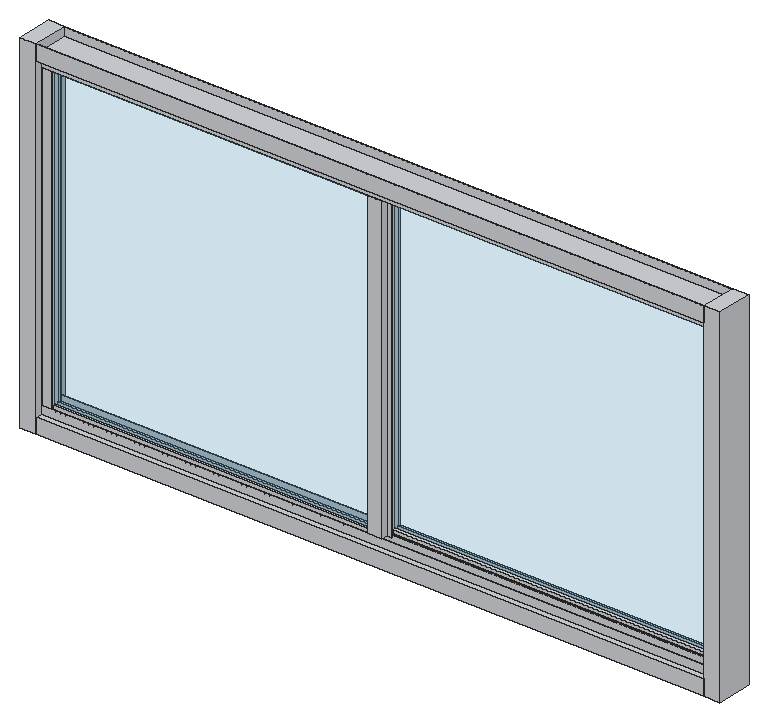
Revit family "MT-VMS_DB-SG_XX", category Windows, host Wall, Revit 2017 (continued)
Definition of nested family "VMS_DB-SG_OX_101mm"
  Dimensions and locks
    aligned and locked: plane 3 "Center (Left/Right)" to Sweep 6 sketch curve
    aligned and locked: Sweep 2 to Sweep 6 sketch curve
    aligned and locked: Sweep 3 to Sweep 6 sketch curve
    aligned and locked: plane 7 to curve 1
    aligned and locked: plane 8 to curve 1
    aligned and locked: plane 8 to curve 2
    aligned and locked: plane 7 to curve 2
    aligned and locked: plane 1 "Center (Front/Back)" to curve 1
    aligned and locked: curve 2 to plane 4
    aligned and locked: Masking region 1 sketch curve to Extrusion 1  (x4)
    aligned and locked: Masking region 1 sketch curve to Sweep 3  (x2)
    aligned and locked: Sweep 3 to Masking region 1 sketch curve
    aligned and locked: plane 1 "Center (Front/Back)" to nested 4
    aligned and locked: nested 4 to plane 7
    aligned and locked: plane 8 to nested 5
    aligned and locked: plane 1 "Center (Front/Back)" to nested 5
    aligned and locked: plane 7 to nested 6
    aligned and locked: plane 1 "Center (Front/Back)" to nested 6
    aligned and locked: nested 7 to plane 8
    aligned and locked: Masking region 2 sketch curve to plane 11
    aligned and locked: Masking region 2 sketch curve to plane 4
    aligned and locked: Masking region 2 sketch curve to Extrusion 1
    aligned and locked: Extrusion 1 to Masking region 2 sketch curve  (x2)
    aligned and locked: Masking region 2 sketch curve to nested 1
    aligned and locked: Masking region 2 sketch curve to Sweep 3  (x2)
    aligned and locked: nested 8 to plane 9
    aligned and locked: plane 4 to nested 8
    aligned and locked: nested 9 to level
    aligned and locked: plane 4 to Masking region 1 sketch curve
    aligned and locked: plane 7 to Extrusion 1
    aligned and locked: plane 8 to nested 7
    aligned and locked: plane 1 "Center (Front/Back)" to nested 7
    aligned and locked: plane 9 to nested 10
    aligned and locked: plane 4 to nested 10
    aligned and locked: nested 11 to plane 1 "Center (Front/Back)"
    aligned and locked: level to nested 11
    aligned and locked: plane 1 "Center (Front/Back)" to nested 9
  Nested families
    nested 1: "VMS_DB-SG_GLAZED PANEL" at (473.2, -35, 56), Sash Material <- "Sash Material", type "VMS_DB-SG_GLAZED PANEL"
      with OPEN yes
    nested 2: "VMS_DB-SG_GLAZED PANEL" at (-473.2, -66.6, 56) x (-1, 0, 0) z (0, 0, 1), Sash Material <- "Sash Material", type "VMS_DB-SG_GLAZED PANEL"
      with OPEN yes
    nested 3: "VMS_VM11_SILL DETAIL_FINE" at (-955, -50, 0) x (0, -1, 0) z (0, 0, 1), type "VMS_VM11_SILL DETAIL_FINE", detail levels fine
    nested 4: "MAIN FRAME 101.6MM_MEDIUM" at (-1000, 0, 0), type "MAIN FRAME 101.6MM_MEDIUM", detail levels medium
    nested 5: "MAIN FRAME 101.6MM_MEDIUM" at (1000, -101.6, 0) x (-1, 0, 0) z (0, 0, 1), type "MAIN FRAME 101.6MM_MEDIUM", detail levels medium
    nested 6: "AS1C CAVITY MAIN FRAME" at (-955, 0, 0), type "AS1C CAVITY MAIN FRAME", detail levels fine
    nested 7: "AS1C CAVITY MAIN FRAME" at (955, -101.6, 0) x (-1, 0, 0) z (0, 0, 1), type "AS1C CAVITY MAIN FRAME", detail levels fine
    nested 8: "VMS_VM8_HEAD DETAIL_FINE" at (0, -101.6, 1000) x (0, 1, 0) z (1, 0, 0), type "VMS_VM8_HEAD DETAIL_FINE", detail levels fine
    nested 9: "VMS_VM10_BOT DETAIL_FINE" at (0, -101.3, 0) x (0, 1, 0) z (1, 0, 0), type "VMS_VM10_BOT DETAIL_FINE", detail levels fine
    nested 10: "VMS_VM8_HEAD DETAIL_MEDIUM" at (0, 0, 1000) x (0, -1, 0) z (1, 0, 0), type "VMS_VM8_HEAD DETAIL_MEDIUM", detail levels medium
    nested 11: "VMS_VM10_BOT DETAIL_MEDIUM" at (0, 0, 0) x (0, -1, 0) z (1, 0, 0), type "VMS_VM10_BOT DETAIL_MEDIUM", detail levels medium
  Definition of nested family "VMS_DB-SG_GLAZED PANEL"
    Parameters (values of type "VMS_DB-SG_GLAZED PANEL")
      YEAR = "2018"  # constant formula
      VERSION = "2.0"  # constant formula
      TODAYS DATE = "22/11/2018"  # constant formula
      Sash Material [instance] = none
      SINGLE GLAZED THICKNESS = 5 mm
      SINGLE GLAZED = not(DOUBLE GLAZED)  # yes
      PANEL WIDTH = 960 mm
      PANEL HEIGHT = 894 mm
      OPEN [instance] = yes
      GLAZED WIDTH [instance] = 924 mm
      GLAZED RAIL MATERIAL = none
      GLAZED MATERIAL = none
      DOUBLE GLAZED THICKNESS = 15 mm
      DOUBLE GLAZED = no
      CREATOR = "Scott Isouard"  # constant formula
      COMPANY = "Archvis"  # constant formula
      Analytic Construction = "<None>"
      ANZRC COMPLIANT = "Yes"  # constant formula
      AIR POCKET = DOUBLE GLAZED THICKNESS - 10 mm  # 5 mm
    Reference planes
      plane 1 "Center (Front/Back)": y = 0
      plane 2: z = 0
      plane 3 "Center (Left/Right)": x = 0
      plane 4: x = -480
      plane 5: x = 480
      plane 6: x = -462
      plane 7: x = 462
      plane 8: z = 894
      plane 9: z = 874
      plane 10: z = 20
      plane 11: z = 447
      plane 12: x = -452.086
      plane 13: x = 452
      plane 14: z = 10
      plane 15: z = 884
    Forms (mm)
      Extrusion 1, solid, material <- "GLAZED MATERIAL", visible <- "SINGLE GLAZED"
        sketch origin (0, 0, 0) x (1, 0, 0) y (0, 1, 0)
          loop
            line (-462, 2.5) -> (-462, -2.5) -> (462, -2.5) -> (462, 2.5) -> (-462, 2.5)
        from 10 to 884
      Extrusion 2, solid, material <- "GLAZED MATERIAL", visible <- "DOUBLE GLAZED"
        sketch origin (0, 0, 0) x (1, 0, 0) y (0, 1, 0)
          loop
            line (-462, 7.5) -> (-462, 2.5) -> (462, 2.5) -> (462, 7.5) -> (-462, 7.5)
          loop
            line (-462, -2.5) -> (-462, -7.5) -> (462, -7.5) -> (462, -2.5) -> (-462, -2.5)
        from 10 to 884
      Sweep 3, solid, material <- "Sash Material"
        path origin (0, 0, 0) x (1, 0, 0) y (0, 0, 1)
          loop
            line (-480, 894) -> (-480, 0)
        profile "VM__PROFILE_SACH SILL : VM__PROFILE_SACH SILL" origin (-480, 0, 447) x (1, 0, 0) y (0, -1, 0)
          loop
            line (0, 13.45) -> (0, -13.45) -> (28, -13.45) -> (28, -9.95) -> (10, -9.95) -> (10, 9.95) -> (28, 9.95) -> (28, 13.45) -> (0, 13.45)
      Sweep 4, solid, material <- "Sash Material"
        path origin (0, 0, 0) x (1, 0, 0) y (0, 0, 1)
          loop
            line (480, 894) -> (480, 0)
        profile "VM__PROFILE_SACH SILL : VM__PROFILE_SACH SILL" origin (480, 0, 447) x (1, 0, 0) y (0, -1, 0)
          loop
            line (0, 13.45) -> (-28, 13.45) -> (-28, 9.95) -> (-10, 9.95) -> (-10, -9.95) -> (-28, -9.95) -> (-28, -13.45) -> (0, -13.45) -> (0, 13.45)
      Sweep 5, solid, material <- "Sash Material"
        path origin (0, 0, 0) x (1, 0, 0) y (0, 0, 1)
          loop
            line (-452.086, 894) -> (452, 894)
        profile "VM__PROFILE_GLAZED RAIL : VM__PROFILE_GLAZED RAIL" origin (-0.043, 0, 894) x (0, 0, 1) y (0, -1, 0)
          loop
            line (-5.417, -13.45) -> (0, -8.033) -> (0, 8.033) -> (-5.417, 13.45) -> (-19.826, 13.45) -> (-19.826, 6.25) -> (-10, 6.25) -> (-10, -6.25) -> (-19.826, -6.25) -> (-19.826, -13.45) -> (-5.417, -13.45)
      Sweep 6, solid, material <- "Sash Material"
        path origin (0, 0, 0) x (1, 0, 0) y (0, 0, 1)
          loop
            line (452, 0) -> (-452.086, 0)
        profile "VM__PROFILE_GLAZED RAIL : VM__PROFILE_GLAZED RAIL" origin (-0.043, 0, 0) x (0, 0, -1) y (0, -1, 0)
          loop
            line (-5.417, -13.45) -> (0, -8.033) -> (0, 8.033) -> (-5.417, 13.45) -> (-19.826, 13.45) -> (-19.826, 6.25) -> (-10, 6.25) -> (-10, -6.25) -> (-19.826, -6.25) -> (-19.826, -13.45) -> (-5.417, -13.45)
    Lines and regions (mm)
      Masking region 1, detail levels coarse
        outline origin (0, 0, 0) x (1, 0, 0) y (0, 1, 0)
          loop
            line (-452.086, 13.45) -> (-480, 13.45) -> (-480, -13.45) -> (-452.086, -13.45) -> (-452.086, 13.45)
          loop
            line (452, 13.45) -> (452, -13.45) -> (480, -13.45) -> (480, 13.45) -> (452, 13.45)
      Masking region 2, detail levels coarse
        outline origin (0, 0, 0) x (0, 1, 0) y (0, 0, 1)
          loop
            line (13.45, 894) -> (-13.45, 894) -> (-13.45, 874.174) -> (13.45, 874.174) -> (13.45, 894)
          loop
            line (13.45, 20) -> (-13.45, 20) -> (-13.45, 0) -> (13.45, 0) -> (13.45, 20)
      model lines, visible <- "OPEN", not visible
        curve 1: line (116.296, -13.45, 713.931) -> (-19.098, -13.45, 715.656)
        curve 2: line (-134.348, -13.45, 741.334) -> (8.162, -13.45, 666.42)
        curve 3: line (8.162, -13.45, 666.42) -> (-19.098, -13.45, 715.656)
        curve 4: line (116.912, -13.45, 762.344) -> (-18.481, -13.45, 764.068)
        curve 5: line (-134.348, -13.45, 741.334) -> (10.023, -13.45, 812.593)
        curve 6: line (10.023, -13.45, 812.593) -> (-18.481, -13.45, 764.068)
        curve 7: line (116.296, -13.45, 713.931) -> (116.912, -13.45, 762.344)
        curve 8: line (116.604, -13.45, 738.138) -> (-134.348, -13.45, 741.334)
        curve 9: line (-2.207, 13.452, 837.659) -> (-4.793, 13.452, 634.675)
      model lines, visible <- "OPEN"
        curve 10: line (120.069, -13.45, 471.208) -> (-15.335, -13.45, 471.208)
        curve 11: line (-130.903, -13.45, 447) -> (12.549, -13.45, 520.092)
        curve 12: line (12.549, -13.45, 520.092) -> (-15.335, -13.45, 471.208)
        curve 13: line (120.069, -13.45, 422.792) -> (-15.335, -13.45, 422.792)
        curve 14: line (-130.903, -13.45, 447) -> (12.549, -13.45, 373.908)
        curve 15: line (12.549, -13.45, 373.908) -> (-15.335, -13.45, 422.792)
        curve 16: line (120.069, -13.45, 471.208) -> (120.069, -13.45, 422.792)
        curve 17: line (120.069, -13.45, 447) -> (-130.903, -13.45, 447)
        curve 18: line (0, 13.452, 349) -> (0, 13.452, 552)
      symbolic lines
        curve 19: line (-466.086, 13.45, 0) -> (466.088, 13.45, 0)
        curve 20: line (-466.086, -13.45, 0) -> (462, -13.45, 0)
        curve 21: line (0, 13.45, 884) -> (0, 13.45, 10)
        curve 22: line (0, -13.45, 884) -> (0, -13.45, 10)
      symbolic lines, visible <- "OPEN"
        curve 23: line (150, 93.457, 0) -> (-150, 93.457, 0)
        curve 24: line (-150, 93.457, 0) -> (-70.45, 173.007, 0)
    Dimensions and locks
      equal spacing: plane 4, plane 3 "Center (Left/Right)", plane 5
      "PANEL WIDTH": plane 4 to plane 5
      "PANEL HEIGHT": plane 8 to plane 2
      equal spacing: Extrusion 1 sketch curve, plane 1 "Center (Front/Back)", Extrusion 1 sketch curve
      "SINGLE GLAZED THICKNESS": Extrusion 1 sketch curve to Extrusion 1 sketch curve
      equal spacing: plane 8, plane 11, plane 2
      equal spacing: Extrusion 2 sketch curve, plane 1 "Center (Front/Back)", Extrusion 2 sketch curve  (x2)
      "AIR POCKET": Extrusion 2 sketch curve to Extrusion 2 sketch curve
      "DOUBLE GLAZED THICKNESS": Extrusion 2 sketch curve to Extrusion 2 sketch curve
      locked: plane 4 to plane 12 at 27.914
      locked: plane 13 to plane 5 at 28
      locked: plane 8 to plane 9 at 20
      locked: plane 4 to plane 6 at 18
      locked: plane 7 to plane 5 at 18
      "GLAZED WIDTH": plane 6 to plane 7
      locked: plane 10 to plane 2 at 20
      locked: plane 14 to plane 2 at 10
      locked: plane 8 to plane 15 at 10
      curve 23 to Sweep 5 = 80.007 mm
      equal spacing: curve 24, plane 3 "Center (Left/Right)", curve 23
      aligned and locked: level to plane 2
      aligned and locked: plane 6 to Extrusion 2 sketch curve  (x2)
      aligned and locked: Extrusion 2 sketch curve to plane 7  (x2)
      aligned and locked: plane 4 to Sweep 3 sketch curve
      aligned and locked: plane 2 to Sweep 3 sketch curve
      aligned and locked: plane 8 to Sweep 3 sketch curve
      aligned and locked: Sweep 4 sketch curve to plane 5
      aligned and locked: plane 8 to Sweep 4 sketch curve
      aligned and locked: plane 2 to Sweep 4 sketch curve
      aligned and locked: Extrusion 1 sketch curve to plane 7
      aligned and locked: plane 6 to Extrusion 1 sketch curve
      aligned and locked: plane 11 to curve 17
      aligned and locked: plane 3 "Center (Left/Right)" to curve 18
      aligned and locked: Sweep 5 sketch curve to plane 8
      aligned and locked: plane 12 to Sweep 5 sketch curve
      aligned and locked: plane 13 to Sweep 5 sketch curve
      aligned and locked: plane 2 to Sweep 6 sketch curve
      aligned and locked: plane 13 to Sweep 6 sketch curve
      aligned and locked: plane 12 to Sweep 6 sketch curve
      aligned and locked: Sweep 5 to Masking region 1 sketch curve  (x2)
      aligned and locked: Masking region 1 sketch curve to Sweep 5  (x3)
      aligned and locked: Masking region 1 sketch curve to plane 4
      aligned and locked: Masking region 1 sketch curve to plane 5
      aligned and locked: Masking region 1 to Sweep 5
      aligned and locked: curve 20 to Sweep 5
      aligned and locked: Masking region 2 sketch curve to Sweep 4  (x2)
      aligned and locked: Sweep 4 to Masking region 2 sketch curve  (x2)
      aligned and locked: Masking region 2 sketch curve to Sweep 5  (x2)
      aligned and locked: Masking region 2 sketch curve to Sweep 6
      aligned and locked: Masking region 2 sketch curve to plane 10
      aligned and locked: nested 1 to plane 1 "Center (Front/Back)"
      aligned and locked: plane 2 to nested 1
      aligned and locked: nested 2 to plane 8
      aligned and locked: plane 1 "Center (Front/Back)" to nested 2
      aligned and locked: nested 3 to plane 8
      aligned and locked: plane 1 "Center (Front/Back)" to nested 3
      aligned and locked: plane 2 to nested 4
      aligned and locked: nested 4 to plane 1 "Center (Front/Back)"
      aligned and locked: Extrusion 2 to Sweep 6
      aligned and locked: Extrusion 2 to Extrusion 1  (x2)
      aligned and locked: nested 5 to plane 8
      aligned and locked: plane 1 "Center (Front/Back)" to nested 5
      aligned and locked: plane 2 to nested 6
      aligned and locked: nested 6 to plane 1 "Center (Front/Back)"
      aligned and locked: plane 2 to nested 7
      aligned and locked: nested 7 to plane 1 "Center (Front/Back)"
      aligned and locked: nested 8 to plane 8
      aligned and locked: plane 1 "Center (Front/Back)" to nested 8
      aligned and locked: Sweep 3 to curve 21
      aligned and locked: curve 22 to Sweep 3
      aligned and locked: curve 19 to Sweep 5
      aligned and locked: plane 7 to curve 20
      aligned and locked: plane 15 to curve 22
      aligned and locked: plane 15 to curve 21
      aligned and locked: plane 14 to curve 21
      aligned and locked: plane 14 to curve 22
      aligned and locked: plane 15 to Extrusion 2
      aligned and locked: plane 4 to nested 9
      aligned and locked: nested 9 to Sweep 3
      aligned and locked: plane 4 to nested 10
      aligned and locked: nested 10 to nested 9
      aligned and locked: plane 4 to nested 11
      aligned and locked: Masking region 1 to plane 13
      aligned and locked: plane 4 to nested 12
      aligned and locked: nested 12 to Sweep 5
      aligned and locked: plane 5 to nested 13
      aligned and locked: nested 13 to Sweep 4
      aligned and locked: plane 5 to nested 14
      aligned and locked: nested 14 to nested 13
      aligned and locked: plane 5 to nested 15
      aligned and locked: nested 14 to nested 15
      aligned and locked: plane 5 to nested 16
      aligned and locked: nested 16 to nested 15  (x2)
      aligned and locked: curve 19 to nested 16
      aligned and locked: nested 12 to curve 19
      aligned and locked: curve 20 to nested 12
    Automatic sketch dimensions
      curve 9 to curve 2 = 34.287 mm
      curve 2 to curve 7 = 118.111 mm
      curve 1 to curve 8 = 24.208 mm
      curve 3 to curve 4 = 48.416 mm
      curve 4 to curve 5 = 56.278 mm
      curve 5 to curve 9 = 27.89 mm
      curve 3 to curve 1 = 118.111 mm
      curve 6 to curve 4 = 118.111 mm
      curve 9 to curve 5 = 27.89 mm
      curve 3 to curve 2 = 56.278 mm
      curve 6 to curve 3 = 48.416 mm
      curve 8 to curve 4 = 118.076 mm
      curve 18 to curve 11 = 34.287 mm
      curve 11 to curve 16 = 118.111 mm
      curve 10 to curve 17 = 24.208 mm
      curve 12 to curve 13 = 48.416 mm
      curve 13 to curve 14 = 56.278 mm
      curve 14 to curve 18 = 27.89 mm
      curve 12 to curve 10 = 118.111 mm
      curve 15 to curve 13 = 118.111 mm
      curve 18 to curve 14 = 27.89 mm
      curve 12 to curve 11 = 56.278 mm
      curve 15 to curve 12 = 48.416 mm
      curve 17 to curve 13 = 118.076 mm
      curve 18 to curve 18 = 2.585 mm
      curve 18 to curve 18 = 202.984 mm
      curve 11 to curve 16 = 47.511 mm
      curve 11 to curve 12 = 49.235 mm
      curve 10 to curve 11 = 25.678 mm
      curve 10 to curve 16 = 48.412 mm
      curve 10 to curve 13 = 48.412 mm
      curve 13 to curve 15 = 48.525 mm
      curve 11 to curve 12 = 115.25 mm
      curve 10 to curve 15 = 0.617 mm
      curve 10 to curve 12 = 27.26 mm
      curve 13 to curve 14 = 28.505 mm
      curve 9 to curve 9 = 2.585 mm
      curve 9 to curve 9 = 202.984 mm
      curve 2 to curve 7 = 47.511 mm
      curve 2 to curve 3 = 49.235 mm
      curve 1 to curve 2 = 25.678 mm
      curve 1 to curve 7 = 48.412 mm
      curve 1 to curve 4 = 48.412 mm
      curve 4 to curve 6 = 48.525 mm
      curve 3 to curve 2 = 115.25 mm
      curve 6 to curve 1 = 0.617 mm
      curve 3 to curve 1 = 27.26 mm
      curve 5 to curve 4 = 28.505 mm
      Masking region 1 sketch curve to plane 13 = 0 mm
      curve 24 to curve 24 = 79.55 mm
      curve 19 to plane 6 = 4.086 mm
      curve 20 to plane 6 = 4.086 mm
      plane 7 to curve 19 = 4.088 mm
      curve 23 to curve 24 = 79.55 mm
      curve 24 to plane 3 "Center (Left/Right)" = 150 mm
    Nested families
      nested 1: "VM62_DOUBLE GLAZE RAIL_Mid detail" at (0, 0, 0) x (0, 0, 1) z (1, 0, 0), visible <- "DOUBLE GLAZED", type "VM62_DOUBLE GLAZE RAIL_Mid detail", detail levels medium
      nested 2: "VM62_DOUBLE GLAZE RAIL_Mid detail" at (0, 0, 894) x (0, 0, -1) z (1, 0, 0), visible <- "DOUBLE GLAZED", type "VM62_DOUBLE GLAZE RAIL_Mid detail", detail levels medium
      nested 3: "VM62_SGL GLAZE RAIL_Mid detail" at (0, 0, 894) x (0, 0, -1) z (1, 0, 0), visible <- "SINGLE GLAZED", type "VM62_SGL GLAZE RAIL_Mid detail", detail levels medium
      nested 4: "VM62_SGL GLAZE RAIL_Mid detail" at (0, 0, 0) x (0, 0, 1) z (1, 0, 0), visible <- "SINGLE GLAZED", type "VM62_SGL GLAZE RAIL_Mid detail", detail levels medium
      nested 5: "vm1_single glaze rail" at (0, 0, 894) x (0, 0, -1) z (1, 0, 0), visible <- "SINGLE GLAZED", type "vm1_single glaze rail", detail levels fine
      nested 6: "vm1_single glaze rail" at (0, 0, 0) x (0, 0, 1) z (1, 0, 0), visible <- "SINGLE GLAZED", type "vm1_single glaze rail", detail levels fine
      nested 7: "VM62_DOUBLE GLAZE RAIL" at (0, 0, 0) x (0, 0, 1) z (1, 0, 0), visible <- "DOUBLE GLAZED", type "VM62_DOUBLE GLAZE RAIL", detail levels fine
      nested 8: "VM62_DOUBLE GLAZE RAIL" at (0, 0, 894) x (0, 0, -1) z (1, 0, 0), visible <- "DOUBLE GLAZED", type "VM62_DOUBLE GLAZE RAIL", detail levels fine
      nested 9: "VMS_V3_SGL_FINE" at (-480, 13.45, 0), visible <- "SINGLE GLAZED", type "VMS_V3_SGL_FINE", detail levels fine
      nested 10: "VMS_V3_SGL_MEDIUM" at (-480, 13.45, 0), visible <- "SINGLE GLAZED", type "VMS_V3_SGL_MEDIUM", detail levels medium
      nested 11: "VMS_VM64_SILL DETAIL_FINE" at (-480, 13.45, 0), visible <- "DOUBLE GLAZED", type "VMS_VM64_SILL DETAIL_FINE", detail levels fine
      nested 12: "VMS_VM64_SILL DETAIL_MEDIUM" at (-480, 13.45, 0), visible <- "DOUBLE GLAZED", type "VMS_VM64_SILL DETAIL_MEDIUM", detail levels medium
      nested 13: "VMS_VM5_SILL DETAIL_FINE" at (480, -13.45, 0) x (0, 1, 0) z (0, 0, 1), visible <- "SINGLE GLAZED", type "VMS_VM5_SILL DETAIL_FINE", detail levels fine
      nested 14: "VMS_VM5_SILL DETAIL_MEDIUM" at (480, -13.45, 0) x (0, 1, 0) z (0, 0, 1), visible <- "SINGLE GLAZED", type "VMS_VM5_SILL DETAIL_MEDIUM", detail levels medium
      nested 15: "VMS_VM66_SILL DETAIL_FINE" at (480, -13.45, 0) x (0, 1, 0) z (0, 0, 1), visible <- "DOUBLE GLAZED", type "VMS_VM66_SILL DETAIL_FINE", detail levels fine
      nested 16: "VMS_VM66_SILL DETAIL_MEDIUM" at (480.054, -13.45, 0) x (0, 1, 0) z (0, 0, 1), visible <- "DOUBLE GLAZED", type "VMS_VM66_SILL DETAIL_MEDIUM", detail levels medium
    Definition of nested family "VM62_DOUBLE GLAZE RAIL_Mid detail"
      Reference planes
        plane 1 "Center (Front/Back)": y = 0
        plane 2: z = 0
        plane 3 "Center (Left/Right)": x = 0
        plane 4: x = 10
      Lines and regions (mm)
        detail lines, in view "Ref. Level"
          curve 1: line (19.826, 13.45, 0) -> (19.826, 10.52, 0)
          curve 2: line (19.826, 10.52, 0) -> (10, 10.52, 0)
          curve 3: line (10, -10.52, 0) -> (19.826, -10.52, 0)
          curve 4: line (19.826, -10.52, 0) -> (19.826, -13.45, 0)
          curve 5: line (19.826, -13.45, 0) -> (5.417, -13.45, 0)
          curve 6: line (5.417, -13.45, 0) -> (0, -8.033, 0)
          curve 7: line (0, -8.033, 0) -> (0, 8.033, 0)
          curve 8: line (0, 8.033, 0) -> (5.417, 13.45, 0)
          curve 9: line (5.417, 13.45, 0) -> (19.826, 13.45, 0)
          curve 10: line (10, -10.52, 0) -> (10, 10.52, 0)
      Dimensions and locks
        plane 3 "Center (Left/Right)" to plane 4 = 10 mm
    Definition of nested family "VM62_SGL GLAZE RAIL_Mid detail"
      Reference planes
        plane 1 "Center (Front/Back)": y = 0
        plane 2: z = 0
        plane 3 "Center (Left/Right)": x = 0
        plane 4: x = 10
      Lines and regions (mm)
        detail lines, in view "Ref. Level"
          curve 1: line (19.826, 13.45, 0) -> (19.826, 6.45, 0)
          curve 2: line (19.826, 6.45, 0) -> (10, 6.45, 0)
          curve 3: line (10, -6.45, 0) -> (19.826, -6.45, 0)
          curve 4: line (19.826, -6.45, 0) -> (19.826, -13.45, 0)
          curve 5: line (19.826, -13.45, 0) -> (5.417, -13.45, 0)
          curve 6: line (5.417, -13.45, 0) -> (0, -8.033, 0)
          curve 7: line (0, -8.033, 0) -> (0, 8.033, 0)
          curve 8: line (0, 8.033, 0) -> (5.417, 13.45, 0)
          curve 9: line (5.417, 13.45, 0) -> (19.826, 13.45, 0)
          curve 10: line (10, -6.45, 0) -> (10, 6.45, 0)
      Dimensions and locks
        plane 3 "Center (Left/Right)" to plane 4 = 10 mm
    Definition of nested family "vm1_single glaze rail"
      Reference planes
        plane 1 "Center (Front/Back)": y = 0
        plane 2: z = 0
        plane 3 "Center (Left/Right)": x = 0
      Lines and regions (mm)
        detail lines, in view "Ref. Level"
          curve 1: arc (5.316, -8.679, 0) -> (5.078, -8.372, 0) -> (4.771, -8.134, 0) r 1.525
          curve 2: arc (3.99, -7.925, 0) -> (3.633, -7.97, 0) -> (3.297, -8.097, 0) r 1.525
          curve 3: arc (2.647, -8.747, 0) -> (2.525, -9.062, 0) -> (2.476, -9.396, 0) r 1.525
          curve 4: arc (2.476, -9.396, 0) -> (2.18, -9.815, 0) -> (1.678, -9.711, 0) r 0.468
          curve 5: arc (0.088, -8.121, 0) -> (0.023, -8.024, 0) -> (0, -7.909, 0) r 0.3
          curve 6: arc (0, 7.909, 0) -> (0.023, 8.024, 0) -> (0.088, 8.121, 0) r 0.3
          curve 7: arc (1.678, 9.711, 0) -> (2.18, 9.815, 0) -> (2.476, 9.396, 0) r 0.468
          curve 8: arc (2.476, 9.396, 0) -> (2.525, 9.062, 0) -> (2.647, 8.747, 0) r 1.525
          curve 9: arc (3.297, 8.097, 0) -> (3.633, 7.97, 0) -> (3.99, 7.925, 0) r 1.525
          curve 10: arc (4.771, 8.134, 0) -> (5.078, 8.372, 0) -> (5.316, 8.679, 0) r 1.525
          curve 11: arc (5.525, 9.46, 0) -> (5.48, 9.817, 0) -> (5.353, 10.153, 0) r 1.525
          curve 12: arc (4.703, 10.803, 0) -> (4.388, 10.925, 0) -> (4.054, 10.974, 0) r 1.525
          curve 13: arc (4.054, 10.974, 0) -> (3.635, 11.27, 0) -> (3.739, 11.772, 0) r 0.468
          curve 14: arc (5.329, 13.362, 0) -> (5.426, 13.427, 0) -> (5.541, 13.45, 0) r 0.3
          curve 15: arc (13.831, 13.45, 0) -> (14.236, 13.045, 0) -> (13.831, 12.64, 0) r 0.405
          curve 16: arc (13.126, 11.82, 0) -> (13.214, 11.608, 0) -> (13.426, 11.52, 0) r 0.3
          curve 17: arc (13.936, 11.52, 0) -> (14.149, 11.432, 0) -> (14.236, 11.22, 0) r 0.3
          curve 18: arc (14.236, 10.62, 0) -> (14.149, 10.408, 0) -> (13.936, 10.32, 0) r 0.3
          curve 19: arc (13.426, 10.32, 0) -> (13.214, 10.232, 0) -> (13.126, 10.02, 0) r 0.3
          curve 20: arc (13.126, 8.576, 0) -> (13.214, 8.364, 0) -> (13.426, 8.276, 0) r 0.3
          curve 21: arc (18.226, 8.276, 0) -> (18.439, 8.364, 0) -> (18.526, 8.576, 0) r 0.3
          curve 22: arc (18.526, 10.02, 0) -> (18.439, 10.232, 0) -> (18.226, 10.32, 0) r 0.3
          curve 23: arc (17.716, 10.32, 0) -> (17.504, 10.408, 0) -> (17.416, 10.62, 0) r 0.3
          curve 24: arc (17.416, 11.22, 0) -> (17.504, 11.432, 0) -> (17.716, 11.52, 0) r 0.3
          curve 25: arc (18.226, 11.52, 0) -> (18.439, 11.608, 0) -> (18.526, 11.82, 0) r 0.3
          curve 26: arc (17.821, 12.64, 0) -> (17.416, 13.045, 0) -> (17.821, 13.45, 0) r 0.405
          curve 27: arc (19.026, 13.45, 0) -> (19.592, 13.216, 0) -> (19.826, 12.65, 0) r 0.8
          curve 28: arc (19.826, 6.961, 0) -> (19.751, 6.727, 0) -> (19.553, 6.581, 0) r 0.4
          curve 29: arc (18.59, 6.26, 0) -> (18.409, 6.288, 0) -> (18.326, 6.45, 0) r 0.2
          curve 30: arc (17.137, 6.284, 0) -> (16.932, 6.274, 0) -> (16.826, 6.45, 0) r 0.2
          curve 31: arc (15.637, 6.284, 0) -> (15.432, 6.274, 0) -> (15.326, 6.45, 0) r 0.2
          curve 32: arc (14.137, 6.284, 0) -> (13.932, 6.274, 0) -> (13.826, 6.45, 0) r 0.2
          curve 33: arc (13.426, 7.25, 0) -> (12.366, 7.689, 0) -> (11.926, 8.75, 0) r 1.5
          curve 34: arc (11.926, 11.75, 0) -> (11.839, 11.962, 0) -> (11.626, 12.05, 0) r 0.3
          curve 35: arc (6.463, 12.05, 0) -> (6.188, 11.87, 0) -> (6.244, 11.545, 0) r 0.3
          curve 36: arc (6.244, 11.545, 0) -> (7.057, 9.17, 0) -> (5.826, 6.982, 0) r 3.07
          curve 37: arc (5.826, 6.982, 0) -> (3.825, 6.385, 0) -> (1.905, 7.206, 0) r 3.07
          curve 38: arc (1.905, 7.206, 0) -> (1.58, 7.262, 0) -> (1.4, 6.987, 0) r 0.3
          curve 39: arc (1.4, -6.987, 0) -> (1.58, -7.262, 0) -> (1.905, -7.206, 0) r 0.3
          curve 40: arc (1.905, -7.206, 0) -> (3.825, -6.385, 0) -> (5.826, -6.982, 0) r 3.07
          curve 41: arc (5.826, -6.982, 0) -> (7.057, -9.17, 0) -> (6.244, -11.545, 0) r 3.07
          curve 42: arc (6.244, -11.545, 0) -> (6.188, -11.87, 0) -> (6.463, -12.05, 0) r 0.3
          curve 43: arc (11.626, -12.05, 0) -> (11.839, -11.962, 0) -> (11.926, -11.75, 0) r 0.3
          curve 44: arc (11.926, -8.75, 0) -> (12.366, -7.689, 0) -> (13.426, -7.25, 0) r 1.5
          curve 45: arc (13.826, -6.45, 0) -> (13.932, -6.274, 0) -> (14.137, -6.284, 0) r 0.2
          curve 46: arc (15.326, -6.45, 0) -> (15.432, -6.274, 0) -> (15.637, -6.284, 0) r 0.2
          curve 47: arc (16.826, -6.45, 0) -> (16.932, -6.274, 0) -> (17.137, -6.284, 0) r 0.2
          curve 48: arc (18.326, -6.45, 0) -> (18.409, -6.288, 0) -> (18.59, -6.26, 0) r 0.2
          curve 49: arc (19.553, -6.581, 0) -> (19.751, -6.727, 0) -> (19.826, -6.961, 0) r 0.4
          curve 50: arc (19.826, -12.65, 0) -> (19.592, -13.216, 0) -> (19.026, -13.45, 0) r 0.8
          curve 51: arc (17.821, -13.45, 0) -> (17.416, -13.045, 0) -> (17.821, -12.64, 0) r 0.405
          curve 52: arc (18.526, -11.82, 0) -> (18.439, -11.608, 0) -> (18.226, -11.52, 0) r 0.3
          curve 53: arc (17.716, -11.52, 0) -> (17.504, -11.432, 0) -> (17.416, -11.22, 0) r 0.3
          curve 54: arc (17.416, -10.62, 0) -> (17.504, -10.408, 0) -> (17.716, -10.32, 0) r 0.3
          curve 55: arc (18.226, -10.32, 0) -> (18.439, -10.232, 0) -> (18.526, -10.02, 0) r 0.3
          curve 56: arc (18.526, -8.576, 0) -> (18.439, -8.364, 0) -> (18.226, -8.276, 0) r 0.3
          curve 57: arc (13.426, -8.276, 0) -> (13.214, -8.364, 0) -> (13.126, -8.576, 0) r 0.3
          curve 58: arc (13.126, -10.02, 0) -> (13.214, -10.232, 0) -> (13.426, -10.32, 0) r 0.3
          curve 59: arc (13.936, -10.32, 0) -> (14.149, -10.408, 0) -> (14.236, -10.62, 0) r 0.3
          curve 60: arc (14.236, -11.22, 0) -> (14.149, -11.432, 0) -> (13.936, -11.52, 0) r 0.3
          curve 61: arc (13.426, -11.52, 0) -> (13.214, -11.608, 0) -> (13.126, -11.82, 0) r 0.3
          curve 62: arc (13.831, -12.64, 0) -> (14.236, -13.045, 0) -> (13.831, -13.45, 0) r 0.405
          curve 63: arc (5.541, -13.45, 0) -> (5.426, -13.427, 0) -> (5.329, -13.362, 0) r 0.3
          curve 64: arc (3.739, -11.772, 0) -> (3.635, -11.27, 0) -> (4.054, -10.974, 0) r 0.468
          curve 65: arc (4.054, -10.974, 0) -> (4.388, -10.925, 0) -> (4.703, -10.803, 0) r 1.525
          curve 66: arc (5.353, -10.153, 0) -> (5.48, -9.817, 0) -> (5.525, -9.46, 0) r 1.525
          curve 67: line (4.771, -8.134, 0) -> (4.485, -7.639, 0)
          curve 68: line (4.485, -7.639, 0) -> (3.99, -7.925, 0)
          curve 69: line (3.297, -8.097, 0) -> (2.675, -8.125, 0)
          curve 70: line (2.675, -8.125, 0) -> (2.647, -8.747, 0)
          curve 71: line (1.678, -9.711, 0) -> (0.088, -8.121, 0)
          curve 72: line (0, -7.909, 0) -> (0, 7.909, 0)
          curve 73: line (0.088, 8.121, 0) -> (1.678, 9.711, 0)
          curve 74: line (2.647, 8.747, 0) -> (2.675, 8.125, 0)
          curve 75: line (2.675, 8.125, 0) -> (3.297, 8.097, 0)
          curve 76: line (3.99, 7.925, 0) -> (4.485, 7.639, 0)
          curve 77: line (4.485, 7.639, 0) -> (4.771, 8.134, 0)
          curve 78: line (5.316, 8.679, 0) -> (5.811, 8.965, 0)
          curve 79: line (5.811, 8.965, 0) -> (5.525, 9.46, 0)
          curve 80: line (5.353, 10.153, 0) -> (5.325, 10.775, 0)
          curve 81: line (5.325, 10.775, 0) -> (4.703, 10.803, 0)
          curve 82: line (3.739, 11.772, 0) -> (5.329, 13.362, 0)
          curve 83: line (5.541, 13.45, 0) -> (13.831, 13.45, 0)
          curve 84: line (13.831, 12.64, 0) -> (13.126, 12.64, 0)
          curve 85: line (13.126, 12.64, 0) -> (13.126, 11.82, 0)
          curve 86: line (13.426, 11.52, 0) -> (13.936, 11.52, 0)
          curve 87: line (14.236, 11.22, 0) -> (14.236, 10.62, 0)
          curve 88: line (13.936, 10.32, 0) -> (13.426, 10.32, 0)
          curve 89: line (13.126, 10.02, 0) -> (13.126, 8.576, 0)
          curve 90: line (13.426, 8.276, 0) -> (18.226, 8.276, 0)
          curve 91: line (18.526, 8.576, 0) -> (18.526, 10.02, 0)
          curve 92: line (18.226, 10.32, 0) -> (17.716, 10.32, 0)
          curve 93: line (17.416, 10.62, 0) -> (17.416, 11.22, 0)
          curve 94: line (17.716, 11.52, 0) -> (18.226, 11.52, 0)
          curve 95: line (18.526, 11.82, 0) -> (18.526, 12.64, 0)
          curve 96: line (18.526, 12.64, 0) -> (17.821, 12.64, 0)
          curve 97: line (17.821, 13.45, 0) -> (19.026, 13.45, 0)
          curve 98: line (19.826, 12.65, 0) -> (19.826, 6.961, 0)
          curve 99: line (19.553, 6.581, 0) -> (18.59, 6.26, 0)
          curve 100: line (18.326, 6.45, 0) -> (18.326, 7.076, 0)
          curve 101: line (18.326, 7.076, 0) -> (17.137, 6.284, 0)
          curve 102: line (16.826, 6.45, 0) -> (16.826, 7.076, 0)
          curve 103: line (16.826, 7.076, 0) -> (15.637, 6.284, 0)
          curve 104: line (15.326, 6.45, 0) -> (15.326, 7.076, 0)
          curve 105: line (15.326, 7.076, 0) -> (14.137, 6.284, 0)
          curve 106: line (13.826, 6.45, 0) -> (13.826, 7.25, 0)
          curve 107: line (13.826, 7.25, 0) -> (13.426, 7.25, 0)
          curve 108: line (11.926, 8.75, 0) -> (11.926, 11.75, 0)
          curve 109: line (11.626, 12.05, 0) -> (6.463, 12.05, 0)
          curve 110: line (1.4, 6.987, 0) -> (1.4, -6.987, 0)
          curve 111: line (6.463, -12.05, 0) -> (11.626, -12.05, 0)
          curve 112: line (11.926, -11.75, 0) -> (11.926, -8.75, 0)
          curve 113: line (13.426, -7.25, 0) -> (13.826, -7.25, 0)
          curve 114: line (13.826, -7.25, 0) -> (13.826, -6.45, 0)
          curve 115: line (14.137, -6.284, 0) -> (15.326, -7.076, 0)
          curve 116: line (15.326, -7.076, 0) -> (15.326, -6.45, 0)
          curve 117: line (15.637, -6.284, 0) -> (16.826, -7.076, 0)
          curve 118: line (16.826, -7.076, 0) -> (16.826, -6.45, 0)
          curve 119: line (17.137, -6.284, 0) -> (18.326, -7.076, 0)
          curve 120: line (18.326, -7.076, 0) -> (18.326, -6.45, 0)
          curve 121: line (18.59, -6.26, 0) -> (19.553, -6.581, 0)
          curve 122: line (19.826, -6.961, 0) -> (19.826, -12.65, 0)
          curve 123: line (19.026, -13.45, 0) -> (17.821, -13.45, 0)
          curve 124: line (17.821, -12.64, 0) -> (18.526, -12.64, 0)
          curve 125: line (18.526, -12.64, 0) -> (18.526, -11.82, 0)
          curve 126: line (18.226, -11.52, 0) -> (17.716, -11.52, 0)
          curve 127: line (17.416, -11.22, 0) -> (17.416, -10.62, 0)
          curve 128: line (17.716, -10.32, 0) -> (18.226, -10.32, 0)
          curve 129: line (18.526, -10.02, 0) -> (18.526, -8.576, 0)
          curve 130: line (18.226, -8.276, 0) -> (13.426, -8.276, 0)
          curve 131: line (13.126, -8.576, 0) -> (13.126, -10.02, 0)
          curve 132: line (13.426, -10.32, 0) -> (13.936, -10.32, 0)
          curve 133: line (14.236, -10.62, 0) -> (14.236, -11.22, 0)
          curve 134: line (13.936, -11.52, 0) -> (13.426, -11.52, 0)
          curve 135: line (13.126, -11.82, 0) -> (13.126, -12.64, 0)
          curve 136: line (13.126, -12.64, 0) -> (13.831, -12.64, 0)
          curve 137: line (13.831, -13.45, 0) -> (5.541, -13.45, 0)
          curve 138: line (5.329, -13.362, 0) -> (3.739, -11.772, 0)
          curve 139: line (4.703, -10.803, 0) -> (5.325, -10.775, 0)
          curve 140: line (5.325, -10.775, 0) -> (5.353, -10.153, 0)
          curve 141: line (5.525, -9.46, 0) -> (5.811, -8.965, 0)
          curve 142: line (5.811, -8.965, 0) -> (5.316, -8.679, 0)
    Definition of nested family "VM62_DOUBLE GLAZE RAIL"
      Reference planes
        plane 1 "Center (Front/Back)": y = 0
        plane 2: z = 0
        plane 3 "Center (Left/Right)": x = 0
      Lines and regions (mm)
        detail lines, in view "Ref. Level"
          curve 1: arc (17.821, 12.64, 0) -> (17.416, 13.045, 0) -> (17.821, 13.45, 0) r 0.405
          curve 2: arc (19.026, 13.45, 0) -> (19.592, 13.216, 0) -> (19.826, 12.65, 0) r 0.8
          curve 3: arc (19.826, 10.711, 0) -> (19.751, 10.477, 0) -> (19.553, 10.331, 0) r 0.4
          curve 4: arc (18.59, 10.01, 0) -> (18.409, 10.038, 0) -> (18.326, 10.2, 0) r 0.2
          curve 5: arc (17.102, 10.002, 0) -> (16.915, 10.021, 0) -> (16.826, 10.187, 0) r 0.2
          curve 6: arc (15.602, 10.009, 0) -> (15.415, 10.028, 0) -> (15.326, 10.194, 0) r 0.2
          curve 7: arc (14.102, 10.016, 0) -> (13.915, 10.035, 0) -> (13.826, 10.201, 0) r 0.2
          curve 8: arc (12.726, 10.52, 0) -> (12.161, 10.754, 0) -> (11.926, 11.32, 0) r 0.8
          curve 9: arc (11.926, 11.75, 0) -> (11.839, 11.962, 0) -> (11.626, 12.05, 0) r 0.3
          curve 10: arc (6.463, 12.05, 0) -> (6.188, 11.87, 0) -> (6.244, 11.545, 0) r 0.3
          curve 11: arc (6.244, 11.545, 0) -> (7.057, 9.17, 0) -> (5.826, 6.982, 0) r 3.07
          curve 12: arc (5.826, 6.982, 0) -> (3.825, 6.385, 0) -> (1.905, 7.206, 0) r 3.07
          curve 13: arc (1.905, 7.206, 0) -> (1.58, 7.262, 0) -> (1.4, 6.987, 0) r 0.3
          curve 14: arc (1.4, -6.987, 0) -> (1.58, -7.262, 0) -> (1.905, -7.206, 0) r 0.3
          curve 15: arc (1.905, -7.206, 0) -> (3.825, -6.385, 0) -> (5.826, -6.982, 0) r 3.07
          curve 16: arc (5.826, -6.982, 0) -> (7.057, -9.17, 0) -> (6.244, -11.545, 0) r 3.07
          curve 17: arc (6.244, -11.545, 0) -> (6.188, -11.87, 0) -> (6.463, -12.05, 0) r 0.3
          curve 18: arc (11.626, -12.05, 0) -> (11.839, -11.962, 0) -> (11.926, -11.75, 0) r 0.3
          curve 19: arc (11.926, -11.32, 0) -> (12.161, -10.754, 0) -> (12.726, -10.52, 0) r 0.8
          curve 20: arc (13.826, -10.201, 0) -> (13.915, -10.035, 0) -> (14.102, -10.016, 0) r 0.2
          curve 21: arc (15.326, -10.194, 0) -> (15.415, -10.028, 0) -> (15.602, -10.009, 0) r 0.2
          curve 22: arc (16.826, -10.187, 0) -> (16.915, -10.021, 0) -> (17.102, -10.002, 0) r 0.2
          curve 23: arc (18.326, -10.2, 0) -> (18.409, -10.038, 0) -> (18.59, -10.01, 0) r 0.2
          curve 24: arc (19.553, -10.331, 0) -> (19.751, -10.477, 0) -> (19.826, -10.711, 0) r 0.4
          curve 25: arc (19.826, -12.65, 0) -> (19.592, -13.216, 0) -> (19.026, -13.45, 0) r 0.8
          curve 26: arc (17.821, -13.45, 0) -> (17.416, -13.045, 0) -> (17.821, -12.64, 0) r 0.405
          curve 27: arc (13.831, -12.64, 0) -> (14.236, -13.045, 0) -> (13.831, -13.45, 0) r 0.405
          curve 28: arc (5.541, -13.45, 0) -> (5.426, -13.427, 0) -> (5.329, -13.362, 0) r 0.3
          curve 29: arc (3.739, -11.772, 0) -> (3.635, -11.27, 0) -> (4.054, -10.974, 0) r 0.468
          curve 30: arc (4.054, -10.974, 0) -> (4.388, -10.925, 0) -> (4.703, -10.803, 0) r 1.525
          curve 31: arc (5.353, -10.153, 0) -> (5.48, -9.817, 0) -> (5.525, -9.46, 0) r 1.525
          curve 32: arc (5.316, -8.679, 0) -> (5.078, -8.372, 0) -> (4.771, -8.134, 0) r 1.525
          curve 33: arc (3.99, -7.925, 0) -> (3.633, -7.97, 0) -> (3.297, -8.097, 0) r 1.525
          curve 34: arc (2.647, -8.747, 0) -> (2.525, -9.062, 0) -> (2.476, -9.396, 0) r 1.525
          curve 35: arc (2.476, -9.396, 0) -> (2.18, -9.815, 0) -> (1.678, -9.711, 0) r 0.468
          curve 36: arc (0.088, -8.121, 0) -> (0.023, -8.024, 0) -> (0, -7.909, 0) r 0.3
          curve 37: arc (0, 7.909, 0) -> (0.023, 8.024, 0) -> (0.088, 8.121, 0) r 0.3
          curve 38: arc (1.678, 9.711, 0) -> (2.18, 9.815, 0) -> (2.476, 9.396, 0) r 0.468
          curve 39: arc (2.476, 9.396, 0) -> (2.525, 9.062, 0) -> (2.647, 8.747, 0) r 1.525
          curve 40: arc (3.297, 8.097, 0) -> (3.633, 7.97, 0) -> (3.99, 7.925, 0) r 1.525
          curve 41: arc (4.771, 8.134, 0) -> (5.078, 8.372, 0) -> (5.316, 8.679, 0) r 1.525
          curve 42: arc (5.525, 9.46, 0) -> (5.48, 9.817, 0) -> (5.353, 10.153, 0) r 1.525
          curve 43: arc (4.703, 10.803, 0) -> (4.388, 10.925, 0) -> (4.054, 10.974, 0) r 1.525
          curve 44: arc (4.054, 10.974, 0) -> (3.635, 11.27, 0) -> (3.739, 11.772, 0) r 0.468
          curve 45: arc (5.329, 13.362, 0) -> (5.426, 13.427, 0) -> (5.541, 13.45, 0) r 0.3
          curve 46: arc (13.831, 13.45, 0) -> (14.236, 13.045, 0) -> (13.831, 12.64, 0) r 0.405
          curve 47: line (13.831, 12.64, 0) -> (13.126, 12.64, 0)
          curve 48: line (13.126, 12.64, 0) -> (13.126, 11.52, 0)
          curve 49: line (13.126, 11.52, 0) -> (18.526, 11.52, 0)
          curve 50: line (18.526, 11.52, 0) -> (18.526, 12.64, 0)
          curve 51: line (18.526, 12.64, 0) -> (17.821, 12.64, 0)
          curve 52: line (17.821, 13.45, 0) -> (19.026, 13.45, 0)
          curve 53: line (19.826, 12.65, 0) -> (19.826, 10.711, 0)
          curve 54: line (19.553, 10.331, 0) -> (18.59, 10.01, 0)
          curve 55: line (18.326, 10.2, 0) -> (18.326, 10.499, 0)
          curve 56: line (18.326, 10.499, 0) -> (17.102, 10.002, 0)
          curve 57: line (16.826, 10.187, 0) -> (16.826, 10.506, 0)
          curve 58: line (16.826, 10.506, 0) -> (15.602, 10.009, 0)
          curve 59: line (15.326, 10.194, 0) -> (15.326, 10.513, 0)
          curve 60: line (15.326, 10.513, 0) -> (14.102, 10.016, 0)
          curve 61: line (13.826, 10.201, 0) -> (13.826, 10.52, 0)
          curve 62: line (13.826, 10.52, 0) -> (12.726, 10.52, 0)
          curve 63: line (11.926, 11.32, 0) -> (11.926, 11.75, 0)
          curve 64: line (11.626, 12.05, 0) -> (6.463, 12.05, 0)
          curve 65: line (1.4, 6.987, 0) -> (1.4, -6.987, 0)
          curve 66: line (6.463, -12.05, 0) -> (11.626, -12.05, 0)
          curve 67: line (11.926, -11.75, 0) -> (11.926, -11.32, 0)
          curve 68: line (12.726, -10.52, 0) -> (13.826, -10.52, 0)
          curve 69: line (13.826, -10.52, 0) -> (13.826, -10.201, 0)
          curve 70: line (14.102, -10.016, 0) -> (15.326, -10.513, 0)
          curve 71: line (15.326, -10.513, 0) -> (15.326, -10.194, 0)
          curve 72: line (15.602, -10.009, 0) -> (16.826, -10.506, 0)
          curve 73: line (16.826, -10.506, 0) -> (16.826, -10.187, 0)
          curve 74: line (17.102, -10.002, 0) -> (18.326, -10.499, 0)
          curve 75: line (18.326, -10.499, 0) -> (18.326, -10.2, 0)
          curve 76: line (18.59, -10.01, 0) -> (19.553, -10.331, 0)
          curve 77: line (19.826, -10.711, 0) -> (19.826, -12.65, 0)
          curve 78: line (19.026, -13.45, 0) -> (17.821, -13.45, 0)
          curve 79: line (17.821, -12.64, 0) -> (18.526, -12.64, 0)
          curve 80: line (18.526, -12.64, 0) -> (18.526, -11.52, 0)
          curve 81: line (18.526, -11.52, 0) -> (13.126, -11.52, 0)
          curve 82: line (13.126, -11.52, 0) -> (13.126, -12.64, 0)
          curve 83: line (13.126, -12.64, 0) -> (13.831, -12.64, 0)
          curve 84: line (13.831, -13.45, 0) -> (5.541, -13.45, 0)
          curve 85: line (5.329, -13.362, 0) -> (3.739, -11.772, 0)
          curve 86: line (4.703, -10.803, 0) -> (5.325, -10.775, 0)
          curve 87: line (5.325, -10.775, 0) -> (5.353, -10.153, 0)
          curve 88: line (5.525, -9.46, 0) -> (5.811, -8.965, 0)
          curve 89: line (5.811, -8.965, 0) -> (5.316, -8.679, 0)
          curve 90: line (4.771, -8.134, 0) -> (4.485, -7.639, 0)
          curve 91: line (4.485, -7.639, 0) -> (3.99, -7.925, 0)
          curve 92: line (3.297, -8.097, 0) -> (2.675, -8.125, 0)
          curve 93: line (2.675, -8.125, 0) -> (2.647, -8.747, 0)
          curve 94: line (1.678, -9.711, 0) -> (0.088, -8.121, 0)
          curve 95: line (0, -7.909, 0) -> (0, 7.909, 0)
          curve 96: line (0.088, 8.121, 0) -> (1.678, 9.711, 0)
          curve 97: line (2.647, 8.747, 0) -> (2.675, 8.125, 0)
          curve 98: line (2.675, 8.125, 0) -> (3.297, 8.097, 0)
          curve 99: line (3.99, 7.925, 0) -> (4.485, 7.639, 0)
          curve 100: line (4.485, 7.639, 0) -> (4.771, 8.134, 0)
          curve 101: line (5.316, 8.679, 0) -> (5.811, 8.965, 0)
          curve 102: line (5.811, 8.965, 0) -> (5.525, 9.46, 0)
          curve 103: line (5.353, 10.153, 0) -> (5.325, 10.775, 0)
          curve 104: line (5.325, 10.775, 0) -> (4.703, 10.803, 0)
          curve 105: line (3.739, 11.772, 0) -> (5.329, 13.362, 0)
          curve 106: line (5.541, 13.45, 0) -> (13.831, 13.45, 0)
    Definition of nested family "VMS_V3_SGL_FINE"
      Reference planes
        plane 1 "Center (Front/Back)": y = 0
        plane 2: z = 0
        plane 3 "Center (Left/Right)": x = 0
      Lines and regions (mm)
        model lines, in view "Ref. Level"
          curve 1: arc (27.114, -24.15, 0) -> (27.68, -23.916, 0) -> (27.914, -23.35, 0) r 0.8
          curve 2: arc (27.914, -20.411, 0) -> (27.839, -20.177, 0) -> (27.641, -20.031, 0) r 0.4
          curve 3: arc (26.677, -19.71, 0) -> (26.497, -19.738, 0) -> (26.414, -19.9, 0) r 0.2
          curve 4: arc (25.177, -19.71, 0) -> (24.997, -19.738, 0) -> (24.914, -19.9, 0) r 0.2
          curve 5: arc (23.677, -19.71, 0) -> (23.497, -19.738, 0) -> (23.414, -19.9, 0) r 0.2
          curve 6: arc (22.177, -19.71, 0) -> (21.997, -19.738, 0) -> (21.914, -19.9, 0) r 0.2
          curve 7: arc (21.914, -20.538, 0) -> (21.971, -20.713, 0) -> (22.119, -20.822, 0) r 0.3
          curve 8: arc (23.009, -21.119, 0) -> (23.157, -21.228, 0) -> (23.214, -21.404, 0) r 0.3
          curve 9: arc (23.214, -22.15, 0) -> (23.126, -22.362, 0) -> (22.914, -22.45, 0) r 0.3
          curve 10: arc (14.214, -22.45, 0) -> (14.002, -22.362, 0) -> (13.914, -22.15, 0) r 0.3
          curve 11: arc (13.914, -14.116, 0) -> (13.884, -13.963, 0) -> (13.797, -13.833, 0) r 0.4
          curve 12: arc (13.797, -13.067, 0) -> (13.884, -12.937, 0) -> (13.914, -12.784, 0) r 0.4
          curve 13: arc (13.914, -2.069, 0) -> (14.079, -1.801, 0) -> (14.392, -1.827, 0) r 0.3
          curve 14: arc (14.392, -1.827, 0) -> (20.069, -3.194, 0) -> (25.644, -1.459, 0) r 10.984
          curve 15: arc (25.644, -1.459, 0) -> (26.154, -1.441, 0) -> (26.414, -1.879, 0) r 0.5
          curve 16: arc (26.414, -5.1, 0) -> (26.326, -5.312, 0) -> (26.114, -5.4, 0) r 0.3
          curve 17: arc (22.119, -6.078, 0) -> (21.971, -6.187, 0) -> (21.914, -6.362, 0) r 0.3
          curve 18: arc (21.914, -7, 0) -> (21.997, -7.162, 0) -> (22.177, -7.19, 0) r 0.2
          curve 19: arc (23.414, -7, 0) -> (23.497, -7.162, 0) -> (23.677, -7.19, 0) r 0.2
          curve 20: arc (24.914, -7, 0) -> (24.997, -7.162, 0) -> (25.177, -7.19, 0) r 0.2
          curve 21: arc (26.414, -7, 0) -> (26.497, -7.162, 0) -> (26.677, -7.19, 0) r 0.2
          curve 22: arc (27.641, -6.869, 0) -> (27.839, -6.723, 0) -> (27.914, -6.489, 0) r 0.4
          curve 23: arc (27.914, -0.8, 0) -> (27.68, -0.234, 0) -> (27.114, 0, 0) r 0.8
          curve 24: arc (25.737, 0, 0) -> (25.642, -0.015, 0) -> (25.558, -0.06, 0) r 0.3
          curve 25: arc (25.558, -0.06, 0) -> (19.709, -2, 0) -> (13.86, -0.06, 0) r 9.784
          curve 26: arc (13.86, -0.06, 0) -> (13.776, -0.015, 0) -> (13.681, 0, 0) r 0.3
          curve 27: arc (0.5, 0, 0) -> (0.146, -0.146, 0) -> (0, -0.5, 0) r 0.5
          curve 28: arc (0, -3, 0) -> (0.088, -3.212, 0) -> (0.3, -3.3, 0) r 0.3
          curve 29: arc (0.9, -3.3, 0) -> (1.112, -3.212, 0) -> (1.2, -3, 0) r 0.3
          curve 30: arc (1.2, -1.5, 0) -> (1.288, -1.288, 0) -> (1.5, -1.2, 0) r 0.3
          curve 31: arc (4.7, -1.2, 0) -> (4.912, -1.288, 0) -> (5, -1.5, 0) r 0.3
          curve 32: arc (5, -10.176, 0) -> (4.912, -10.388, 0) -> (4.7, -10.476, 0) r 0.3
          curve 33: arc (3.6, -10.476, 0) -> (3.388, -10.388, 0) -> (3.3, -10.176, 0) r 0.3
          curve 34: arc (3.3, -9.692, 0) -> (3.212, -9.48, 0) -> (3, -9.392, 0) r 0.3
          curve 35: arc (1.5, -9.392, 0) -> (1.288, -9.304, 0) -> (1.2, -9.092, 0) r 0.3
          curve 36: arc (1.2, -7.692, 0) -> (1.112, -7.48, 0) -> (0.9, -7.392, 0) r 0.3
          curve 37: arc (0.3, -7.392, 0) -> (0.088, -7.48, 0) -> (0, -7.692, 0) r 0.3
          curve 38: arc (0, -11.552, 0) -> (0.4, -11.952, 0) -> (0.8, -11.552, 0) r 0.4
          curve 39: arc (2.1, -11.652, 0) -> (2.188, -11.864, 0) -> (2.4, -11.952, 0) r 0.3
          curve 40: arc (2.4, -14.952, 0) -> (2.188, -15.04, 0) -> (2.1, -15.252, 0) r 0.3
          curve 41: arc (0.8, -15.352, 0) -> (0.4, -14.952, 0) -> (0, -15.352, 0) r 0.4
          curve 42: arc (0, -19.208, 0) -> (0.088, -19.42, 0) -> (0.3, -19.508, 0) r 0.3
          curve 43: arc (0.9, -19.508, 0) -> (1.112, -19.42, 0) -> (1.2, -19.208, 0) r 0.3
          curve 44: arc (1.2, -17.808, 0) -> (1.288, -17.596, 0) -> (1.5, -17.508, 0) r 0.3
          curve 45: arc (3, -17.508, 0) -> (3.212, -17.42, 0) -> (3.3, -17.208, 0) r 0.3
          curve 46: arc (3.3, -16.724, 0) -> (3.388, -16.512, 0) -> (3.6, -16.424, 0) r 0.3
          curve 47: arc (4.7, -16.424, 0) -> (4.912, -16.512, 0) -> (5, -16.724, 0) r 0.3
          curve 48: arc (5, -23.3, 0) -> (4.912, -23.512, 0) -> (4.7, -23.6, 0) r 0.3
          curve 49: arc (0.3, -23.6, 0) -> (0.088, -23.688, 0) -> (0, -23.9, 0) r 0.3
          curve 50: arc (0, -26.4, 0) -> (0.146, -26.754, 0) -> (0.5, -26.9, 0) r 0.5
          curve 51: arc (2.102, -26.9, 0) -> (2.385, -26.783, 0) -> (2.502, -26.5, 0) r 0.4
          curve 52: arc (2.502, -26.5, 0) -> (2.385, -26.217, 0) -> (2.102, -26.1, 0) r 0.4
          curve 53: arc (5.902, -26.1, 0) -> (5.619, -26.217, 0) -> (5.502, -26.5, 0) r 0.4
          curve 54: arc (5.502, -26.5, 0) -> (5.619, -26.783, 0) -> (5.902, -26.9, 0) r 0.4
          curve 55: arc (21, -26.9, 0) -> (21.4, -26.52, 0) -> (21.039, -26.102, 0) r 0.4
          curve 56: arc (14.365, -25.441, 0) -> (14.043, -25.279, 0) -> (13.914, -24.944, 0) r 0.5
          curve 57: arc (13.914, -24.65, 0) -> (14.207, -23.943, 0) -> (14.914, -23.65, 0) r 1
          curve 58: arc (8.4, -25.7, 0) -> (8.259, -25.641, 0) -> (8.2, -25.5, 0) r 0.2
          curve 59: arc (8.2, -23.8, 0) -> (8.141, -23.659, 0) -> (8, -23.6, 0) r 0.2
          curve 60: arc (6.5, -23.6, 0) -> (6.288, -23.512, 0) -> (6.2, -23.3, 0) r 0.3
          curve 61: arc (6.2, -16.639, 0) -> (6.261, -16.458, 0) -> (6.419, -16.35, 0) r 0.3
          curve 62: arc (6.419, -16.35, 0) -> (6.899, -16.169, 0) -> (7.342, -15.909, 0) r 3.014
          curve 63: arc (7.342, -15.909, 0) -> (7.404, -15.838, 0) -> (7.426, -15.746, 0) r 0.2
          curve 64: arc (7.426, -14.908, 0) -> (7.145, -14.479, 0) -> (6.64, -14.566, 0) r 0.468
          curve 65: arc (6.64, -14.566, 0) -> (6.369, -14.767, 0) -> (6.06, -14.904, 0) r 1.525
          curve 66: arc (5.14, -14.904, 0) -> (4.813, -14.756, 0) -> (4.529, -14.535, 0) r 1.525
          curve 67: arc (4.124, -13.835, 0) -> (4.075, -13.45, 0) -> (4.124, -13.065, 0) r 1.525
          curve 68: arc (4.529, -12.365, 0) -> (4.813, -12.144, 0) -> (5.14, -11.996, 0) r 1.525
          curve 69: arc (6.06, -11.996, 0) -> (6.369, -12.133, 0) -> (6.64, -12.334, 0) r 1.525
          curve 70: arc (6.64, -12.334, 0) -> (7.145, -12.421, 0) -> (7.426, -11.992, 0) r 0.468
          curve 71: arc (7.426, -11.154, 0) -> (7.404, -11.062, 0) -> (7.342, -10.991, 0) r 0.2
          curve 72: arc (7.342, -10.991, 0) -> (6.899, -10.731, 0) -> (6.419, -10.55, 0) r 3.014
          curve 73: arc (6.419, -10.55, 0) -> (6.261, -10.442, 0) -> (6.2, -10.261, 0) r 0.3
          curve 74: arc (6.2, -1.5, 0) -> (6.288, -1.288, 0) -> (6.5, -1.2, 0) r 0.3
          curve 75: arc (12.312, -1.2, 0) -> (12.453, -1.259, 0) -> (12.512, -1.4, 0) r 0.2
          curve 76: arc (12.512, -25.5, 0) -> (12.453, -25.641, 0) -> (12.312, -25.7, 0) r 0.2
          curve 77: line (14.914, -23.65, 0) -> (23.214, -23.65, 0)
          curve 78: line (23.214, -23.65, 0) -> (25.029, -24.136, 0)
          curve 79: line (25.029, -24.136, 0) -> (27.114, -24.15, 0)
          curve 80: line (27.914, -23.35, 0) -> (27.914, -20.411, 0)
          curve 81: line (27.641, -20.031, 0) -> (26.677, -19.71, 0)
          curve 82: line (26.414, -19.9, 0) -> (26.414, -20.123, 0)
          curve 83: line (26.414, -20.123, 0) -> (25.177, -19.71, 0)
          curve 84: line (24.914, -19.9, 0) -> (24.914, -20.123, 0)
          curve 85: line (24.914, -20.123, 0) -> (23.677, -19.71, 0)
          curve 86: line (23.414, -19.9, 0) -> (23.414, -20.123, 0)
          curve 87: line (23.414, -20.123, 0) -> (22.177, -19.71, 0)
          curve 88: line (21.914, -19.9, 0) -> (21.914, -20.538, 0)
          curve 89: line (22.119, -20.822, 0) -> (23.009, -21.119, 0)
          curve 90: line (23.214, -21.404, 0) -> (23.214, -22.15, 0)
          curve 91: line (22.914, -22.45, 0) -> (14.214, -22.45, 0)
          curve 92: line (13.914, -22.15, 0) -> (13.914, -14.116, 0)
          curve 93: line (13.797, -13.833, 0) -> (13.414, -13.45, 0)
          curve 94: line (13.414, -13.45, 0) -> (13.797, -13.067, 0)
          curve 95: line (13.914, -12.784, 0) -> (13.914, -2.069, 0)
          curve 96: line (26.414, -1.879, 0) -> (26.414, -5.1, 0)
          curve 97: line (26.114, -5.4, 0) -> (24.2, -5.4, 0)
          curve 98: line (24.2, -5.4, 0) -> (22.119, -6.078, 0)
          curve 99: line (21.914, -6.362, 0) -> (21.914, -7, 0)
          curve 100: line (22.177, -7.19, 0) -> (23.414, -6.777, 0)
          curve 101: line (23.414, -6.777, 0) -> (23.414, -7, 0)
          curve 102: line (23.677, -7.19, 0) -> (24.914, -6.777, 0)
          curve 103: line (24.914, -6.777, 0) -> (24.914, -7, 0)
          curve 104: line (25.177, -7.19, 0) -> (26.414, -6.777, 0)
          curve 105: line (26.414, -6.777, 0) -> (26.414, -7, 0)
          curve 106: line (26.677, -7.19, 0) -> (27.641, -6.869, 0)
          curve 107: line (27.914, -6.489, 0) -> (27.914, -0.8, 0)
          curve 108: line (27.114, 0, 0) -> (25.737, 0, 0)
          curve 109: line (13.681, 0, 0) -> (0.5, 0, 0)
          curve 110: line (0, -0.5, 0) -> (0, -3, 0)
          curve 111: line (0.3, -3.3, 0) -> (0.9, -3.3, 0)
          curve 112: line (1.2, -3, 0) -> (1.2, -1.5, 0)
          curve 113: line (1.5, -1.2, 0) -> (4.7, -1.2, 0)
          curve 114: line (5, -1.5, 0) -> (5, -10.176, 0)
          curve 115: line (4.7, -10.476, 0) -> (3.6, -10.476, 0)
          curve 116: line (3.3, -10.176, 0) -> (3.3, -9.692, 0)
          curve 117: line (3, -9.392, 0) -> (1.5, -9.392, 0)
          curve 118: line (1.2, -9.092, 0) -> (1.2, -7.692, 0)
          curve 119: line (0.9, -7.392, 0) -> (0.3, -7.392, 0)
          curve 120: line (0, -7.692, 0) -> (0, -11.552, 0)
          curve 121: line (0.8, -11.552, 0) -> (0.8, -10.452, 0)
          curve 122: line (0.8, -10.452, 0) -> (2.1, -10.452, 0)
          curve 123: line (2.1, -10.452, 0) -> (2.1, -11.652, 0)
          curve 124: line (2.4, -11.952, 0) -> (2.776, -11.952, 0)
          curve 125: line (2.776, -11.952, 0) -> (2.776, -14.952, 0)
          curve 126: line (2.776, -14.952, 0) -> (2.4, -14.952, 0)
          curve 127: line (2.1, -15.252, 0) -> (2.1, -16.452, 0)
          curve 128: line (2.1, -16.452, 0) -> (0.8, -16.452, 0)
          curve 129: line (0.8, -16.452, 0) -> (0.8, -15.352, 0)
          curve 130: line (0, -15.352, 0) -> (0, -19.208, 0)
          curve 131: line (0.3, -19.508, 0) -> (0.9, -19.508, 0)
          curve 132: line (1.2, -19.208, 0) -> (1.2, -17.808, 0)
          curve 133: line (1.5, -17.508, 0) -> (3, -17.508, 0)
          curve 134: line (3.3, -17.208, 0) -> (3.3, -16.724, 0)
          curve 135: line (3.6, -16.424, 0) -> (4.7, -16.424, 0)
          curve 136: line (5, -16.724, 0) -> (5, -23.3, 0)
          curve 137: line (4.7, -23.6, 0) -> (0.3, -23.6, 0)
          curve 138: line (0, -23.9, 0) -> (0, -26.4, 0)
          curve 139: line (0.5, -26.9, 0) -> (2.102, -26.9, 0)
          curve 140: line (2.102, -26.1, 0) -> (1.002, -26.1, 0)
          curve 141: line (1.002, -26.1, 0) -> (1.002, -24.8, 0)
          curve 142: line (1.002, -24.8, 0) -> (7.002, -24.8, 0)
          curve 143: line (7.002, -24.8, 0) -> (7.002, -26.1, 0)
          curve 144: line (7.002, -26.1, 0) -> (5.902, -26.1, 0)
          curve 145: line (5.902, -26.9, 0) -> (21, -26.9, 0)
          curve 146: line (21.039, -26.102, 0) -> (14.365, -25.441, 0)
          curve 147: line (13.914, -24.944, 0) -> (13.914, -24.65, 0)
          curve 148: line (8.2, -25.5, 0) -> (8.2, -23.8, 0)
          curve 149: line (8, -23.6, 0) -> (6.5, -23.6, 0)
          curve 150: line (6.2, -23.3, 0) -> (6.2, -16.639, 0)
          curve 151: line (7.426, -15.746, 0) -> (7.426, -14.908, 0)
          curve 152: line (6.06, -14.904, 0) -> (5.6, -15.324, 0)
          curve 153: line (5.6, -15.324, 0) -> (5.14, -14.904, 0)
          curve 154: line (4.529, -14.535, 0) -> (3.976, -14.387, 0)
          curve 155: line (3.976, -14.387, 0) -> (4.124, -13.835, 0)
          curve 156: line (4.124, -13.065, 0) -> (3.976, -12.513, 0)
          curve 157: line (3.976, -12.513, 0) -> (4.529, -12.365, 0)
          curve 158: line (5.14, -11.996, 0) -> (5.6, -11.576, 0)
          curve 159: line (5.6, -11.576, 0) -> (6.06, -11.996, 0)
          curve 160: line (7.426, -11.992, 0) -> (7.426, -11.154, 0)
          curve 161: line (6.2, -10.261, 0) -> (6.2, -1.5, 0)
          curve 162: line (6.5, -1.2, 0) -> (12.312, -1.2, 0)
          curve 163: line (12.512, -1.4, 0) -> (12.512, -25.5, 0)
          curve 164: line (12.312, -25.7, 0) -> (8.4, -25.7, 0)
